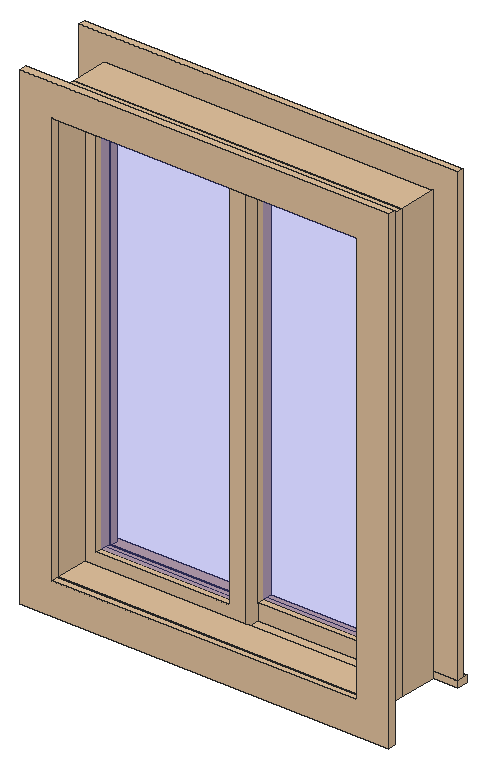
Revit family
Parameters (values of type "36" x 48"")
  Assembly Code = "B2020100"
  Glass Pane Material = Glass
  Height = 4' - 0"
  Sash Material = Sash
  Default Sill Height = 3' - 0"
  Trim Exterior Material = Trim
  Trim Interior Material = Trim
  Trim Projection - Ext. = 0' - 0 3/4"
  Trim Projection - Int. = 0' - 0 3/4"
  Trim Width - Exterior = 0' - 3 1/2"
  Trim Width - Interior = 0' - 3 1/2"
  Wall Closure = (empty or 0)
  Width = 3' - 0"
  Window Inset = 0' - 0 3/4"
Types (7): name | Height | Width
  (no name) | 4' - 0" | 3' - 0"
  36" x 48" | 4' - 0" | 3' - 0"
  36" x 24" | 2' - 0" | 3' - 0"
  60" x 24" | 2' - 0" | 5' - 0"
  60" x 48" | 4' - 0" | 5' - 0"
  48" x 24" | 2' - 0" | 4' - 0"
  48" x 48" | 4' - 0" | 4' - 0"
Reference planes (in)
  plane 1: y = 0
  plane 2: z = 0
  plane 3 "Center": x = 0
  plane 4 "Left": x = -18
  plane 5 "Right": x = 18
  plane 6 "Sill": z = 36
  plane 7 "Top": z = 84
  plane 8: y = 4
  plane 9: y = -4
  plane 10: y = 3.25
  plane 11: x = -17.25
  plane 12: x = -16.75
  plane 13: x = -20.75
  plane 14: x = -20.25
  plane 15: x = 17.25
  plane 16: x = 20.25
  plane 17: x = 20.75
  plane 18: x = 16.75
  plane 19: z = 86.75
  plane 20: z = 83.25
  plane 21: z = 82.75
  plane 22: z = 86.25
  plane 23: z = 37.25
  plane 24: z = 33.75
  plane 25: y = 1.5
  plane 26: y = -0.25
  plane 27 "Closure": y = 0.375
Forms (in)
  Extrusion 1, solid, material "Sash" <- "Sash Material"
    sketch origin (0, 0, 0) x (1, 0, 0) y (0, 0, 1)
      loop
        line (-18, 84) -> (-18, 36) -> (18, 36) -> (18, 84) -> (-18, 84)
      loop
        line (-17.25, 83.25) -> (-17.25, 36.75) -> (17.25, 36.75) -> (17.25, 83.25) -> (-17.25, 83.25)
    from -4 to 0.25
  Extrusion 2, solid, material "Sash" <- "Sash Material"
    sketch origin (0, 0, 0) x (-1, 0, 0) y (0, 0, 1)
      loop
        line (-18, 84) -> (-18, 36) -> (18, 36) -> (18, 84) -> (-18, 84)
      loop
        line (-16.75, 82.75) -> (-16.75, 37.25) -> (16.75, 37.25) -> (16.75, 82.75) -> (-16.75, 82.75)
    from -0.25 to -4
  Extrusion 3, solid, material "Sash" <- "Sash Material"
    sketch origin (0, 0, 0) x (-1, 0, 0) y (0, 0, 1)
      loop
        line (-17.25, 83.25) -> (-17.25, 36.75) -> (0.875, 36.75) -> (0.875, 83.25) -> (-17.25, 83.25)
      loop
        line (-15.5, 81.5) -> (-15.5, 38.5) -> (-0.875, 38.5) -> (-0.875, 81.5) -> (-15.5, 81.5)
    from 1.5 to 3.25
  Extrusion 4, solid, material "Glass" <- "Glass Pane Material"
    sketch origin (-4.9201, 0, -4.60771) x (1, 0, 0) y (0, 0, 1)
      loop
        line (5.7951, 86.10771) -> (5.7951, 43.10771) -> (20.4201, 43.10771) -> (20.4201, 86.10771) -> (5.7951, 86.10771)
    from -2.625 to -2.125
  Extrusion 5, solid, material "Trim" <- "Trim Interior Material"
    sketch origin (0, 0, 0) x (1, 0, 0) y (0, 0, 1)
      loop
        line (-16.75, 82.75) -> (-16.75, 37.25) -> (16.75, 37.25) -> (16.75, 82.75) -> (-16.75, 82.75)
      loop
        line (-20.25, 86.25) -> (-20.25, 33.75) -> (20.25, 33.75) -> (20.25, 86.25) -> (-20.25, 86.25)
    from 4 to 4.75
  Extrusion 6, solid, material "Trim" <- "Trim Exterior Material"
    sketch origin (0, 0, 0) x (-1, 0, 0) y (0, 0, 1)
      loop
        line (-17.25, 83.25) -> (17.25, 83.25) -> (17.25, 36.75) -> (20.75, 36.75) -> (20.75, 86.75) -> (-20.75, 86.75) -> (-20.75, 36.75) -> (-17.25, 36.75) -> (-17.25, 83.25)
    from 4 to 4.75
  Extrusion 7, solid, material "Trim" <- "Trim Exterior Material"
    sketch origin (0, 0, 0) x (-1, 0, 0) y (0, 0, 1)
      loop
        line (-20.75, 36.75) -> (-20.75, 36) -> (20.75, 36) -> (20.75, 36.75) -> (-20.75, 36.75)
    from 4 to 5.25
  Extrusion 8, solid, material "Sash" <- "Sash Material"
    sketch origin (0, 0, 0) x (-1, 0, 0) y (0, 0, 1)
      loop
        line (-0.875, 83.25) -> (-0.875, 36.75) -> (17.25, 36.75) -> (17.25, 83.25) -> (-0.875, 83.25)
      loop
        line (0.875, 81.5) -> (0.875, 38.5) -> (15.5, 38.5) -> (15.5, 81.5) -> (0.875, 81.5)
    from -0.25 to 1.5
  Extrusion 9, solid, material "Glass" <- "Glass Pane Material"
    sketch origin (0, 0, 0) x (-1, 0, 0) y (0, 0, 1)
      loop
        line (0.875, 38.5) -> (15.5, 38.5) -> (15.5, 81.5) -> (0.875, 81.5) -> (0.875, 38.5)
    from 0.375 to 0.875
Lines and regions (in)
  Opening 1
    outline origin (-60, -4, 0) x (1, 0, 0) y (0, 0, 1)
      loop
        line (42, 84) -> (42, 36) -> (78, 36) -> (78, 84) -> (42, 84)
  symbolic lines, style "WindowsGlassProjection"
    curve 1: line (0.875, 2.375, 0) -> (15.5, 2.375, 0)
    curve 2: line (-0.875, 0.625, 0) -> (-15.5, 0.625, 0)
  symbolic lines, style "WindowsFrameMullionProjection"
    curve 3: line (-18, 4, 0) -> (-17.25, 4, 0)
    curve 4: line (-17.25, 4, 0) -> (-17.25, -0.25, 0)
    curve 5: line (-17.25, -0.25, 0) -> (-16.75, -0.25, 0)
    curve 6: line (-16.75, -0.25, 0) -> (-16.75, -4, 0)
    curve 7: line (-16.75, -4, 0) -> (-18, -4, 0)
    curve 8: line (-16.75, -0.25, 0) -> (-15.5, -0.25, 0)
    curve 9: line (-15.5, -0.25, 0) -> (-15.5, 1.5, 0)
    curve 10: line (-15.5, 1.5, 0) -> (-17.25, 1.5, 0)
    curve 11: line (0.875, 3.25, 0) -> (-0.875, 3.25, 0)
    curve 12: line (-0.875, 3.25, 0) -> (-0.875, -0.25, 0)
    curve 13: line (-0.875, -0.25, 0) -> (0.875, -0.25, 0)
    curve 14: line (0.875, -0.25, 0) -> (0.875, 3.25, 0)
    curve 15: line (0.875, 1.5, 0) -> (-0.875, 1.5, 0)
    curve 16: line (18, 4, 0) -> (17.25, 4, 0)
    curve 17: line (17.25, 4, 0) -> (17.25, -0.25, 0)
    curve 18: line (17.25, -0.25, 0) -> (16.75, -0.25, 0)
    curve 19: line (16.75, -0.25, 0) -> (16.75, -4, 0)
    curve 20: line (16.75, -4, 0) -> (18, -4, 0)
    curve 21: line (18, -4, 0) -> (18, 4, 0)
    curve 22: line (17.25, 3.25, 0) -> (15.5, 3.25, 0)
    curve 23: line (15.5, 3.25, 0) -> (15.5, 1.5, 0)
    curve 24: line (15.5, 1.5, 0) -> (17.25, 1.5, 0)
Text (in)
  text "EXTERIOR" at (-39.41075, 45.32604, 0), in view "Floor Line"
  text "INTERIOR" at (-39.41075, -35.06956, 0), in view "Floor Line"
  text "Exterior" at (0, -16.70439, 113.08307), in view "Left"
  text "Exterior" at (0, 18.29385, 125.04747), in view "Right"
Dimensions and locks (in)
  equal spacing: plane 4 "Left", plane 3 "Center", plane 5 "Right"
  "Width": plane 4 "Left" to plane 5 "Right"
  "Window Inset": plane 8 to plane 10
  locked: plane 10 to Extrusion 3 at 1.75
  locked: plane 10 to Extrusion 4 at 0.625
  locked: Extrusion 4 to Extrusion 4 at 0.5
  "Trim Projection - Int.": Extrusion 5 to Extrusion 5
  "Trim Projection - Ext.": Extrusion 6 to Extrusion 6
  locked: Extrusion 7 sketch curve to Extrusion 1 at 0.75
  locked: Extrusion 7 to Extrusion 6 at 0.5
  locked: Extrusion 8 to Extrusion 3 at 3.5
  locked: Extrusion 8 to Extrusion 8 at 1.75
  locked: Extrusion 9 to Extrusion 8 at 0.625
  locked: Extrusion 9 to Extrusion 9 at 0.5
  locked: plane 4 "Left" to plane 11 at 0.75
  locked: plane 15 to plane 5 "Right" at 0.75
  locked: plane 4 "Left" to plane 12 at 1.25
  locked: plane 18 to plane 5 "Right" at 1.25
  "Trim Width - Exterior": plane 15 to plane 17
  "Trim Width - Exterior": plane 13 to plane 11
  "Trim Width - Interior": plane 14 to plane 12
  "Trim Width - Interior": plane 18 to plane 16
  locked: plane 7 "Top" to plane 21 at 1.25
  locked: plane 23 to plane 6 "Sill" at 1.25
  "Trim Width - Interior": plane 22 to plane 21
  "Trim Width - Interior": plane 23 to plane 24
  plane 20 to plane 7 "Top" = 0' - 0 3/4"
  "Trim Width - Exterior": plane 20 to plane 19
  "Default Sill Height": plane 6 "Sill" to plane 2
  plane 10 to plane 25 to plane 26 = 0' - 1 3/4" locked, 0' - 1 3/4" locked
  equal spacing: plane 26, curve 2, plane 25
  "Height": plane 6 "Sill" to plane 7 "Top"
  locked: plane 27 "Closure" to plane 10 at 2.875
  aligned and locked: plane 7 "Top" to Opening 1 sketch curve
  aligned and locked: plane 6 "Sill" to Opening 1 sketch curve  (x2)
  aligned and locked: plane 5 "Right" to Opening 1 sketch curve
  aligned and locked: plane 4 "Left" to Opening 1 sketch curve
  aligned and locked: plane 9 to host wall
  aligned and locked: host wall to Extrusion 2
  aligned and locked: plane 10 to Extrusion 3
  aligned and locked: plane 8 to host wall
  aligned and locked: host wall to Extrusion 1
  aligned and locked: Extrusion 4 sketch curve to Extrusion 3  (x4)
  aligned and locked: Extrusion 5 sketch curve to Extrusion 2  (x4)
  aligned and locked: Extrusion 5 to host wall
  aligned and locked: Extrusion 6 sketch curve to Extrusion 1  (x4)
  aligned and locked: Extrusion 6 to host wall
  aligned and locked: Extrusion 7 sketch curve to Extrusion 6  (x2)
  aligned and locked: Extrusion 7 to host wall
  aligned and locked: Extrusion 8 sketch curve to Extrusion 6  (x2)
  aligned and locked: Extrusion 2 to Extrusion 8
  aligned and locked: Extrusion 1 to Extrusion 2
  aligned and locked: Extrusion 8 to Extrusion 9 sketch curve  (x2)
  aligned and locked: Extrusion 6 to Extrusion 8 sketch curve
  aligned and locked: Extrusion 3 sketch curve to Extrusion 1
  aligned and locked: Extrusion 3 to Extrusion 9 sketch curve
  aligned and locked: curve 1 to Extrusion 3
  aligned and locked: Extrusion 3 to curve 1
  aligned and locked: Extrusion 8 to curve 2
  aligned and locked: curve 2 to Extrusion 8
  aligned and locked: curve 15 to Extrusion 3
  aligned and locked: curve 18 to plane 26
  aligned and locked: plane 25 to curve 24
  aligned and locked: plane 20 to Extrusion 3 sketch curve
  aligned and locked: plane 19 to Extrusion 6 sketch curve
  aligned and locked: Extrusion 6 sketch curve to plane 17
  aligned and locked: Extrusion 6 sketch curve to plane 13
Automatic sketch dimensions
  Extrusion 1 sketch curve to plane 4 "Left" = 0' - 0"
  Extrusion 1 sketch curve to plane 5 "Right" = 0' - 0"
  Extrusion 1 sketch curve to plane 4 "Left" = 0' - 0 3/4"
  plane 5 "Right" to Extrusion 1 sketch curve = 0' - 0 3/4"
  Extrusion 1 sketch curve to plane 6 "Sill" = 0' - 0"
  Extrusion 1 sketch curve to plane 7 "Top" = 0' - 0"
  Extrusion 1 sketch curve to plane 6 "Sill" = 0' - 0 3/4"
  plane 7 "Top" to Extrusion 1 sketch curve = 0' - 0 3/4"
  Extrusion 2 sketch curve to plane 5 "Right" = 0' - 0"
  Extrusion 2 sketch curve to plane 4 "Left" = 0' - 0"
  plane 5 "Right" to Extrusion 2 sketch curve = 0' - 1 1/4"
  Extrusion 2 sketch curve to plane 4 "Left" = 0' - 1 1/4"
  Extrusion 2 sketch curve to plane 6 "Sill" = 0' - 0"
  Extrusion 2 sketch curve to plane 7 "Top" = 0' - 0"
  Extrusion 2 sketch curve to plane 6 "Sill" = 0' - 1 1/4"
  plane 7 "Top" to Extrusion 2 sketch curve = 0' - 1 1/4"
  Extrusion 8 sketch curve to Extrusion 8 sketch curve = 0' - 1 3/4"  (x3)
  plane 3 "Center" to Extrusion 8 sketch curve = 0' - 0 7/8"
  Extrusion 8 sketch curve to plane 3 "Center" = 0' - 0 7/8"
  Extrusion 5 sketch curve to plane 14 = 0' - 0"
  Extrusion 5 sketch curve to plane 16 = 0' - 0"
  Extrusion 5 sketch curve to plane 24 = 0' - 0"
  Extrusion 5 sketch curve to plane 22 = 0' - 0"
  Extrusion 7 sketch curve to plane 13 = 0' - 0"
  Extrusion 9 sketch curve to plane 12 = 0' - 1 1/4"
  curve 7 to host wall = 0' - 0"
  curve 7 to plane 4 "Left" = 0' - 0"
  curve 3 to host wall = 0' - 0"
  curve 3 to plane 4 "Left" = 0' - 0"
  curve 5 to plane 11 = 0' - 0"
  curve 5 to plane 12 = 0' - 0"
  curve 19 to plane 18 = 0' - 0"
  curve 18 to plane 15 = 0' - 0"
  curve 20 to host wall = 0' - 0"
  curve 20 to plane 5 "Right" = 0' - 0"
  curve 5 to plane 26 = 0' - 0"
  curve 13 to plane 26 = 0' - 0"
  curve 10 to plane 25 = 0' - 0"
  curve 11 to plane 10 = 0' - 0"
  curve 22 to plane 10 = 0' - 0"
  curve 17 to host wall = 0' - 0"
  curve 1 to plane 10 = 0' - 0 7/8"
  Extrusion 3 sketch curve to plane 15 = 0' - 0"
  plane 18 to Extrusion 3 sketch curve = 0' - 1 1/4"
  plane 3 "Center" to Extrusion 3 sketch curve = 0' - 0 7/8"
  Extrusion 3 sketch curve to plane 3 "Center" = 0' - 0 7/8"
  Extrusion 3 sketch curve to plane 23 = 0' - 1 1/4"
  plane 21 to Extrusion 3 sketch curve = 0' - 1 1/4"
  plane 23 to Extrusion 6 sketch curve = 0' - 0 1/2"
